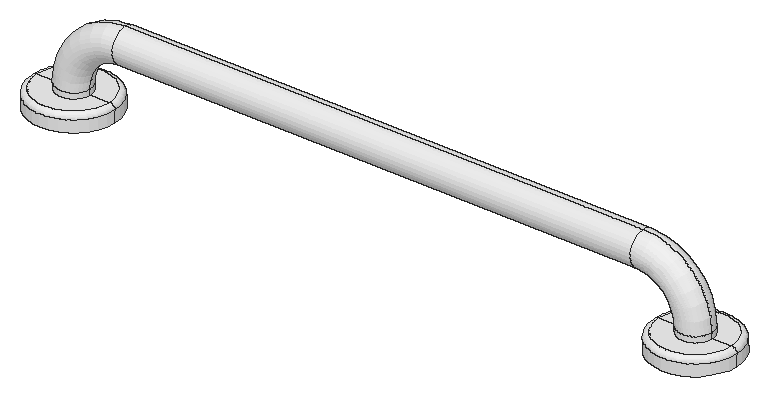
Revit family "Home collection grab rail - straight 600mm-687372C", category Specialty Equipment, host Face, Revit 2015
Parameters (values of type "Home collection grab rail - straight 600mm Chrome")
  URL = "https://www.caroma.com.au/"
  Rail_Width = 600 mm
  Rail_Offset = 71 mm
  Model = "687372C"
  Material_Rail = GWA_Metal-Chrome
  Manufacturer = "GWA Bathrooms & Kitchens"  # constant formula
  Description = "Home collection grab rail - straight 600mm Chrome"
  Default Elevation = 900 mm
  CreatedBy_ANZRS = "GWA Bathrooms & Kitchens"  # constant formula
  Assembly Code = "C1030200"
Types (9, lengths in mm): name | Rail_Width | Rail_Offset | Model | Material_Rail | Description
  (no name) | 600 | 71 | "687372C" | GWA_Metal-Chrome | "Home collection grab rail - straight 600mm Chrome"
  Home collection grab rail - straight 300mm Chrome | 300 | 76 | "687370C" | GWA_Metal-Chrome | "Home collection grab rail - straight 300mm Chrome"
  Home collection grab rail - straight 300mm White | 300 | 76 | "687370W" | GWA-Metal-White | "Home collection grab rail - straight 300mm White"
  Home collection grab rail - straight 450mm Chrome | 450 | 76 | "687371C" | GWA_Metal-Chrome | "Home collection grab rail - straight 450mm Chrome"
  Home collection grab rail - straight 450mm White | 450 | 76 | "687371W" | GWA-Metal-White | "Home collection grab rail - straight 450mm White"
  Home collection grab rail - straight 600mm Chrome | 600 | 71 | "687372C" | GWA_Metal-Chrome | "Home collection grab rail - straight 600mm Chrome"
  Home collection grab rail - straight 600mm White | 600 | 71 | "687372W" | GWA-Metal-White | "Home collection grab rail - straight 600mm White"
  Home collection grab rail - straight 900mm Chrome | 900 | 71 | "687373C" | GWA_Metal-Chrome | "Home collection grab rail - straight 900mm Chrome"
  Home collection grab rail - straight 900mm White | 900 | 71 | "687373W" | GWA-Metal-White | "Home collection grab rail - straight 900mm White"
Reference planes
  plane 1 "Center (Front/Back)": y = 0
  plane 2: z = 0
  plane 3 "Center (Left/Right)": x = 0
  plane 4 "Left": x = -300
  plane 5 "Right": x = 300
  plane 6: z = 71
Forms (mm)
  Sweep 1, solid, material "GWA_Metal-Chrome" <- "Material_Rail"
    path origin (0, 0, 56.664) x (1, 0, 0) y (0, 0, 1)
      loop
        line (-300, -56.664) -> (-300, -35.664)
        arc (-300, -35.664) -> (-285.355, -0.309) -> (-250, 14.336) r 50
        line (-250, 14.336) -> (250, 14.336)
        arc (250, 14.336) -> (285.355, -0.309) -> (300, -35.664) r 50
        line (300, -35.664) -> (300, -56.664)
    profile origin (-300, 0, 10.5) x (-1, 0, 0) y (0, -1, 0)
      loop
        circle (0, 0) r 16
  Revolve 2, solid, material "GWA_Metal-Chrome" <- "Material_Rail"
    sketch origin (0, 0, 0) x (1, 0, 0) y (0, 0, 1)
      loop
        line (-300, 0) -> (-260, 0) -> (-260, 11)
        arc (-260, 11) -> (-261.464, 14.536) -> (-265, 16) r 5
        line (-265, 16) -> (-300, 16) -> (-300, 0)
      axis (-300, 16) -> (-300, 0)
    angle from 0 to 360
  Revolve 3, solid, material "GWA_Metal-Chrome" <- "Material_Rail"
    sketch origin (0, 0, 0) x (1, 0, 0) y (0, 0, 1)
      loop
        line (300, 0) -> (340, 0) -> (340, 11)
        arc (340, 11) -> (338.536, 14.536) -> (335, 16) r 5
        line (335, 16) -> (300, 16) -> (300, 0)
      axis (300, 16) -> (300, 0)
    angle from 0 to 360
Lines and regions (mm)
  Masking region 1
    outline origin (0, 0, 0) x (1, 0, 0) y (0, 1, 0)
      loop
        arc (-263.339, 16) -> (-340, 0) -> (-263.339, -16) r 40
        line (-263.339, -16) -> (263.339, -16)
        arc (263.339, -16) -> (340, 0) -> (263.339, 16) r 40
        line (263.339, 16) -> (-263.339, 16)
  Masking region 2
    outline origin (0, 0, 0) x (1, 0, 0) y (0, 0, 1)
      loop
        line (-260, 0) -> (-260, 11)
        arc (-260, 11) -> (-261.464, 14.536) -> (-265, 16) r 5
        line (-265, 16) -> (-284, 16) -> (-284, 21)
        arc (-284, 21) -> (-274.042, 45.042) -> (-250, 55) r 34
        line (-250, 55) -> (250, 55)
        arc (250, 55) -> (274.042, 45.042) -> (284, 21) r 34
        line (284, 21) -> (284, 16) -> (265, 16)
        arc (265, 16) -> (261.464, 14.536) -> (260, 11) r 5
        line (260, 11) -> (260, 0) -> (340, 0) -> (340, 11)
        arc (340, 11) -> (338.536, 14.536) -> (335, 16) r 5
        line (335, 16) -> (316, 16) -> (316, 21)
        arc (316, 21) -> (296.669, 67.669) -> (250, 87) r 66
        line (250, 87) -> (-250, 87)
        arc (-250, 87) -> (-296.669, 67.669) -> (-316, 21) r 66
        line (-316, 21) -> (-316, 16) -> (-335, 16)
        arc (-335, 16) -> (-338.536, 14.536) -> (-340, 11) r 5
        line (-340, 11) -> (-340, 0) -> (-260, 0)
  Masking region 3
    outline origin (0, 0, 0) x (0, 1, 0) y (0, 0, 1)
      loop
        line (-40, 0) -> (40, 0) -> (40, 11)
        arc (40, 11) -> (38.536, 14.536) -> (35, 16) r 5
        line (35, 16) -> (16, 16) -> (16, 71)
        arc (16, 71) -> (0, 87) -> (-16, 71) r 16
        line (-16, 71) -> (-16, 16) -> (-35, 16)
        arc (-35, 16) -> (-38.536, 14.536) -> (-40, 11) r 5
        line (-40, 11) -> (-40, 0)
  symbolic lines
    curve 1: arc (-300, 16, 0) -> (-316, 0, 0) -> (-300, -16, 0) r 16
    curve 2: arc (300, 16, 0) -> (316, 0, 0) -> (300, -16, 0) r 16
    curve 3: arc (263.339, 16, 0) -> (340, 0, 0) -> (263.339, -16, 0) r 40
    curve 4: arc (-263.339, -16, 0) -> (-340, 0, 0) -> (-263.339, 16, 0) r 40
    curve 5: line (-300, 16, 0) -> (300, 16, 0)
    curve 6: line (300, -16, 0) -> (-300, -16, 0)
    curve 7: line (-300, 0, 0) -> (-340, 0, 0)
    curve 8: line (-340, 0, 0) -> (-340, 0, 11)
    curve 9: line (-260, 0, 0) -> (-260, 0, 11)
    curve 10: line (-265, 0, 16) -> (-335, 0, 16)
    curve 11: arc (-335, 0, 16) -> (-338.536, 0, 14.536) -> (-340, 0, 11) r 5
    curve 12: arc (-265, 0, 16) -> (-261.464, 0, 14.536) -> (-260, 0, 11) r 5
    curve 13: line (-284, 0, 16) -> (-284, 0, 21)
    curve 14: line (-316, 0, 16) -> (-316, 0, 21)
    curve 15: line (340, 0, 0) -> (340, 0, 11)
    curve 16: line (335, 0, 16) -> (265, 0, 16)
    curve 17: line (260, 0, 11) -> (260, 0, 0)
    curve 18: line (260, 0, 0) -> (340, 0, 0)
    curve 19: line (284, 0, 16) -> (284, 0, 21)
    curve 20: line (316, 0, 16) -> (316, 0, 21)
    curve 21: line (250, 0, 87) -> (-250, 0, 87)
    curve 22: line (250, 0, 55) -> (-250, 0, 55)
    curve 23: arc (-284, 0, 21) -> (-274.042, 0, 45.042) -> (-250, 0, 55) r 34
    curve 24: arc (250, 0, 55) -> (274.042, 0, 45.042) -> (284, 0, 21) r 34
    curve 25: arc (-316, 0, 21) -> (-296.669, 0, 67.669) -> (-250, 0, 87) r 66
    curve 26: arc (250, 0, 87) -> (296.669, 0, 67.669) -> (316, 0, 21) r 66
    curve 27: arc (260, 0, 11) -> (261.464, 0, 14.536) -> (265, 0, 16) r 5
    curve 28: arc (335, 0, 16) -> (338.536, 0, 14.536) -> (340, 0, 11) r 5
    curve 29: line (0, -40, 0) -> (0, -40, 11)
    curve 30: line (0, -35, 16) -> (0, 35, 16)
    curve 31: line (0, 40, 11) -> (0, 40, 0)
    curve 32: line (0, 40, 0) -> (0, -40, 0)
    curve 33: line (0, -16, 16) -> (0, -16, 71)
    curve 34: line (0, 16, 16) -> (0, 16, 71)
    curve 35: arc (0, -40, 11) -> (0, -38.536, 14.536) -> (0, -35, 16) r 5
    curve 36: arc (0, 35, 16) -> (0, 38.536, 14.536) -> (0, 40, 11) r 5
    curve 37: arc (0, -16, 71) -> (0, 0, 87) -> (0, 16, 71) r 16
Dimensions and locks
  "Rail_Width": plane 4 "Left" to plane 5 "Right"
  equal spacing: plane 4 "Left", plane 3 "Center (Left/Right)", plane 5 "Right"
  "Rail_Offset": level to plane 6
  curve 21 to plane 6 = 16 mm
  curve 16 to curve 18 = 16 mm
  radius of Sweep 1 sketch curve = 50 mm  (x2)
  aligned and locked: plane 2 to host face
  aligned and locked: level to host face
  aligned and locked: Revolve 3 to Sweep 1 sketch curve
  aligned and locked: Sweep 1 sketch curve to curve 7
Automatic sketch dimensions
  host sketch curve to host sketch curve = 1402.285 mm
  host sketch curve to host sketch curve = 393.94 mm
  plane 1 "Center (Front/Back)" to Sweep 1 sketch curve = 0 mm
  Sweep 1 sketch curve to profile plane = 0 mm
  Revolve 2 sketch curve to level = 0 mm
  Revolve 2 sketch curve to plane 4 "Left" = 0 mm  (x2)
  level to Revolve 2 sketch curve = 11 mm
  plane 4 "Left" to Revolve 2 sketch curve = 35 mm
  Revolve 2 sketch curve to Revolve 2 sketch curve = 5 mm
  Revolve 2 sketch curve to Revolve 2 sketch curve = 12.981 mm
  Revolve 2 sketch curve to Revolve 2 sketch curve = 10 mm
  Revolve 3 sketch curve to level = 0 mm
  Revolve 3 sketch curve to plane 5 "Right" = 0 mm  (x2)
  level to Revolve 3 sketch curve = 11 mm
  plane 5 "Right" to Revolve 3 sketch curve = 35 mm
  Revolve 3 sketch curve to Revolve 3 sketch curve = 5 mm
  Revolve 3 sketch curve to Revolve 3 sketch curve = 20 mm
  Revolve 3 sketch curve to Revolve 3 sketch curve = 45 mm
  plane 1 "Center (Front/Back)" to Masking region 1 sketch curve = 0 mm  (x2)
  Masking region 1 sketch curve to plane 4 "Left" = 0 mm
  Masking region 1 sketch curve to plane 5 "Right" = 0 mm
  Masking region 1 sketch curve to plane 1 "Center (Front/Back)" = 16 mm
  plane 4 "Left" to Masking region 1 sketch curve = 36.661 mm
  Masking region 1 sketch curve to plane 5 "Right" = 36.661 mm
  plane 1 "Center (Front/Back)" to Masking region 1 sketch curve = 16 mm
  curve 23 to curve 25 = 0 mm  (x2)
  curve 24 to curve 26 = 0 mm  (x2)
  curve 7 to level = 0 mm
  curve 7 to plane 4 "Left" = 0 mm
  curve 9 to level = 0 mm
  curve 17 to level = 0 mm
  level to curve 11 = 11 mm
  curve 11 to curve 14 = 19 mm
  curve 8 to curve 11 = 5 mm
  plane 4 "Left" to curve 13 = 16 mm
  curve 13 to curve 12 = 19 mm
  curve 12 to curve 9 = 5 mm
  curve 12 to curve 25 = 10 mm
  curve 26 to curve 17 = 10 mm
  curve 17 to curve 27 = 5 mm
  curve 19 to plane 5 "Right" = 16 mm
  curve 20 to curve 28 = 19 mm
  curve 28 to curve 18 = 5 mm
  Sweep 1 sketch curve to plane 4 "Left" = 0 mm
  Sweep 1 sketch curve to plane 5 "Right" = 0 mm
  plane 6 to Sweep 1 sketch curve = 0 mm
  curve 24 to curve 19 = 34 mm
  curve 14 to plane 4 "Left" = 16 mm
  Masking region 2 sketch curve to Masking region 2 sketch curve = 0 mm  (x4)
  Masking region 2 sketch curve to level = 0 mm  (x2)
  Masking region 2 sketch curve to plane 4 "Left" = 40 mm
  Masking region 2 sketch curve to Masking region 2 sketch curve = 5 mm  (x4)
  Masking region 2 sketch curve to plane 4 "Left" = 16 mm
  plane 4 "Left" to Masking region 2 sketch curve = 16 mm
  Masking region 2 sketch curve to Masking region 2 sketch curve = 19 mm  (x2)
  Masking region 2 sketch curve to plane 6 = 16 mm
  Masking region 2 sketch curve to Masking region 2 sketch curve = 34 mm
  Masking region 2 sketch curve to plane 5 "Right" = 50 mm
  Masking region 2 sketch curve to plane 5 "Right" = 40 mm
  Masking region 2 sketch curve to plane 5 "Right" = 16 mm
  level to Masking region 2 sketch curve = 11 mm  (x4)
  curve 29 to level = 0 mm
  curve 37 to plane 6 = 0 mm
  curve 37 to plane 1 "Center (Front/Back)" = 0 mm
  level to curve 35 = 11 mm
  plane 1 "Center (Front/Back)" to curve 35 = 35 mm
  curve 32 to curve 35 = 5 mm
  level to curve 36 = 11 mm
  curve 36 to plane 1 "Center (Front/Back)" = 35 mm
  plane 1 "Center (Front/Back)" to curve 33 = 16 mm
  Masking region 3 sketch curve to level = 0 mm
  Masking region 3 sketch curve to plane 6 = 0 mm
  Masking region 3 sketch curve to plane 1 "Center (Front/Back)" = 0 mm
  plane 1 "Center (Front/Back)" to Masking region 3 sketch curve = 16 mm
  level to Masking region 3 sketch curve = 11 mm  (x2)
  Masking region 3 sketch curve to Masking region 3 sketch curve = 19 mm  (x2)
  Masking region 3 sketch curve to Masking region 3 sketch curve = 5 mm  (x2)
  curve 1 to curve 4 = 0 mm  (x2)
  curve 2 to curve 3 = 0 mm  (x2)
  plane 1 "Center (Front/Back)" to curve 1 = 0 mm
  curve 1 to plane 4 "Left" = 0 mm
  curve 2 to plane 5 "Right" = 0 mm
  plane 4 "Left" to curve 4 = 36.661 mm
  curve 3 to curve 2 = 36.661 mm
  curve 3 to plane 1 "Center (Front/Back)" = 16 mm
  radius of Sweep 1 sketch curve = 16 mm
